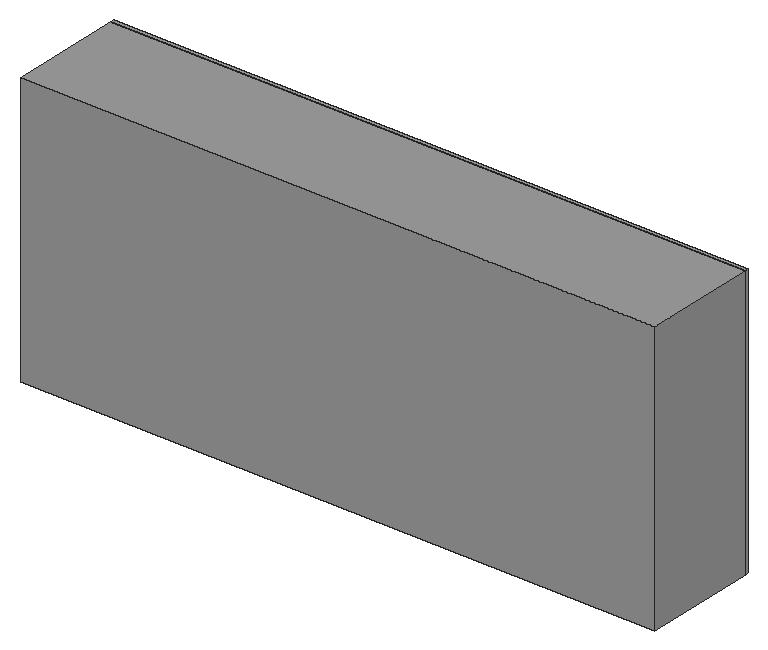
Revit family "Formula65 kombi LED Sentr.(veggmontasje)", category Lighting Fixtures, Revit 2013
Parameters (values of type "MarkeringsLys (Venstre)")
  Width = 65.5 mm
  Wattage Comments = "17 W"
  Wattage = 9.2903 W
  built-in parameter 1150110 = 1 (stored number, unit not read)
  Voltage = 230 V
  URL = ""
  built-in parameter 1114217 = 1 (stored number, unit not read)
  Tilt Angle = 90.00°
  built-in parameter 1150109 = 1 (stored number, unit not read)
  built-in parameter 1150134 = 3
  Symbol Positive Direction [instance] = yes
  Symbol Offset Side [instance] = 0 mm
  Symbol Offset Out [instance] = 0 mm
  built-in parameter 1150113 = 1 (stored number, unit not read)
  Reference Line Out [instance] = 50 mm
  Photometric Web File = "20x42A12.ies"
  Number of Poles = 1
  MarkeringsLys Venstre = yes
  MarkeringsLys Ned = no
  MarkeringsLys Opp = no
  MarkeringsLys Høyre = no
  MarkeringsLys 45 Opp mot venstre = no
  MarkeringsLys 45 Opp mot høyre = no
  MarkeringsLys 45 Ned mot venstre = no
  MarkeringsLys 45 Ned mot høyre = no
  ML = yes
  built-in parameter 1150105 = 109.82 (stored number, unit not read)
  Lumens = 1380 lm
  built-in parameter 1150115 = 1 (stored number, unit not read)
  Load Classification [instance] = Other
  Model = ""
  Manufacturer = ""
  built-in parameter 1150137 = (empty or 0)
  built-in parameter 1150139 = (empty or 0)
  Length 1 = Length - 40 mm  # 314 mm
  Length = 354 mm
  LedeLys = no
  built-in parameter 1150112 = 1 (stored number, unit not read)
  built-in parameter 1150114 = 1 (stored number, unit not read)
  Lamp = "1"
  built-in parameter 1150132 = (empty or 0)
  built-in parameter 1150102 = (empty or 0)
  built-in parameter 1150107 = 3200 (stored number, unit not read)
  built-in parameter 1150138 = (empty or 0)
  built-in parameter 1150106 = 1.0982 (stored number, unit not read)
  Height 1 = Height - 30 mm  # 122 mm
  Height = 152 mm
  Emit from Rectangle Width = Height  # 152 mm
  Emit from Rectangle Length = Length  # 354 mm
  Emit Shape Visible in Rendering = no
  built-in parameter 1150104 = 13.8 (stored number, unit not read)
  Dimming Lamp Color Temperature Shift = <None>
  Description = ""
  Color Filter = 16777215
  Body Material and Colour = Default
  built-in parameter 1114218 = 1 (stored number, unit not read)
  built-in parameter 1150133 = 10 (stored number, unit not read)
  Assembly Code = ""
  Apparent Load = 17 VA
Types (9, lengths in mm): name | MarkeringsLys Venstre | MarkeringsLys Ned | MarkeringsLys Opp | MarkeringsLys Høyre | MarkeringsLys 45 Opp mot venstre | MarkeringsLys 45 Opp mot høyre | MarkeringsLys 45 Ned mot venstre | MarkeringsLys 45 Ned mot høyre | ML | LedeLys
  LedeLys | no | no | no | no | no | no | no | no | no | yes
  MarkeringsLys (Ned) | no | yes | no | no | no | no | no | no | yes | no
  MarkeringsLys (Opp) | no | no | yes | no | no | no | no | no | yes | no
  MarkeringsLys (Venstre) | yes | no | no | no | no | no | no | no | yes | no
  MarkeringsLys (Høyre) | no | no | no | yes | no | no | no | no | yes | no
  MarkeringsLys (45 Ned mot høyre) | no | no | no | no | no | no | no | yes | yes | no
  MarkeringsLys (45 Ned mot venstre) | no | no | no | no | no | no | yes | no | yes | no
  MarkeringsLys (45 Opp mot høyre) | no | no | no | no | no | yes | no | no | yes | no
  MarkeringsLys (45 Opp mot venstre) | no | no | no | no | yes | no | no | no | yes | no
Reference planes
  plane 1 "Light Source Axis (F/B)": y = 119.961
  plane 2 "Top": z = 83
  plane 3 "Light Source Axis (L/R)": x = 0
  plane 4 "Level": z = 0
  plane 5 "Bottom": z = -152
  plane 6: x = -177
  plane 7: x = 177
  plane 8: y = 183.461
  plane 9: y = 185.461
  plane 10: z = -15
  plane 11: x = -157
  plane 12: x = 157
  plane 13: z = -76
  plane 14: z = -137
Forms (mm)
  Extrusion 1, solid, material "Default" <- "Body Material and Colour"
    sketch origin (0, 119.961, 0) x (1, 0, 0) y (0, 0, 1)
      loop
        line (-177, 0) -> (-177, -152) -> (177, -152) -> (177, 0) -> (-177, 0)
    from 0 to -63.5
  Extrusion 2, solid, material "Default" <- "Body Material and Colour"
    sketch origin (0, 119.961, 0) x (1, 0, 0) y (0, 0, 1)
      loop
        line (-177, 0) -> (-177, -152) -> (177, -152) -> (177, 0) -> (-177, 0)
      loop
        line (-157, -15) -> (-157, -137) -> (157, -137) -> (157, -15) -> (-157, -15)
    from -65.5 to -63.5
Lines and regions (mm)
  model lines, style "InvisibleLines"
    curve 1: line (0, 119.961, 0) -> (0, 169.961, 0)
Dimensions and locks
  equal spacing: plane 6, plane 3 "Light Source Axis (L/R)", plane 7
  "Length": plane 6 to plane 7
  plane 8 to plane 1 "Light Source Axis (F/B)" = 63.5 mm
  locked: plane 9 to plane 8 at 2
  equal spacing: plane 4 "Level", plane 13, plane 5 "Bottom"
  "Height": plane 4 "Level" to plane 5 "Bottom"
  equal spacing: plane 11, plane 3 "Light Source Axis (L/R)", plane 12
  "Length 1": plane 11 to plane 12
  equal spacing: plane 10, plane 13, plane 14
  "Height 1": plane 10 to plane 14
  "Width": plane 1 "Light Source Axis (F/B)" to plane 9
  "Reference Line Out": plane 1 "Light Source Axis (F/B)" to curve 1
  aligned and locked: plane 4 "Level" to level
  aligned and locked: plane 3 "Light Source Axis (L/R)" to nested 2
  aligned and locked: plane 1 "Light Source Axis (F/B)" to nested 2
  aligned and locked: plane 8 to nested 1
  aligned and locked: plane 4 "Level" to Extrusion 1 sketch curve
  aligned and locked: plane 6 to Extrusion 1 sketch curve
  aligned and locked: plane 5 "Bottom" to Extrusion 1 sketch curve
  aligned and locked: Extrusion 1 sketch curve to plane 7
  aligned and locked: Extrusion 1 to plane 8
  aligned and locked: plane 1 "Light Source Axis (F/B)" to Extrusion 1
  aligned and locked: plane 4 "Level" to Extrusion 2 sketch curve
  aligned and locked: Extrusion 2 sketch curve to plane 7
  aligned and locked: plane 5 "Bottom" to Extrusion 2 sketch curve
  aligned and locked: plane 6 to Extrusion 2 sketch curve
  aligned and locked: Extrusion 2 sketch curve to plane 10
  aligned and locked: plane 11 to Extrusion 2 sketch curve
  aligned and locked: plane 14 to Extrusion 2 sketch curve
  aligned and locked: Extrusion 2 sketch curve to plane 12
  aligned and locked: plane 8 to Extrusion 2
  aligned and locked: Extrusion 2 to plane 9
  aligned and locked: nested 1 to plane 13
  aligned and locked: plane 13 to imposter light
  aligned and locked: imposter light to plane 1 "Light Source Axis (F/B)"
  aligned and locked: imposter light to plane 3 "Light Source Axis (L/R)"
  aligned and locked: plane 1 "Light Source Axis (F/B)" to curve 1
  aligned and locked: plane 3 "Light Source Axis (L/R)" to curve 1
  aligned and locked: plane 3 "Light Source Axis (L/R)" to nested 3
  aligned and locked: plane 1 "Light Source Axis (F/B)" to nested 3
  aligned and locked: nested 4 to plane 3 "Light Source Axis (L/R)"
  aligned and locked: plane 13 to nested 4
  aligned and locked: nested 4 to plane 8
  aligned and locked: plane 13 to nested 5
  aligned and locked: nested 5 to plane 3 "Light Source Axis (L/R)"
  aligned and locked: nested 5 to plane 8
  aligned and locked: plane 13 to nested 6
  aligned and locked: nested 6 to plane 3 "Light Source Axis (L/R)"
  aligned and locked: nested 6 to plane 8
  aligned and locked: plane 13 to nested 7
  aligned and locked: nested 7 to plane 3 "Light Source Axis (L/R)"
  aligned and locked: nested 7 to plane 8
  aligned and locked: nested 8 to plane 8
  aligned and locked: nested 8 to plane 3 "Light Source Axis (L/R)"
  aligned and locked: plane 13 to nested 8
  aligned and locked: nested 9 to plane 8
  aligned and locked: nested 9 to plane 3 "Light Source Axis (L/R)"
  aligned and locked: plane 13 to nested 9
  aligned and locked: nested 10 to plane 8
  aligned and locked: plane 13 to nested 10
  aligned and locked: nested 10 to plane 3 "Light Source Axis (L/R)"
Nested families
  nested 1: "Formula 65_ned" at (0, 183.461, -76), type "Formula 65"
  nested 2: "LedelysS" at (0, 119.961, 0), visible <- "LedeLys", type "Type 1"
  nested 3: "MarkeringslysS" at (0, 119.961, 0), visible <- "ML", type "Type 1"
  nested 4: "Formula 65_skrått 45 grader ned mot høyre" at (0, 183.461, -76) x (-1, 0, 0) z (0, 0, 1), type "Formula 65"
  nested 5: "Formula 65_skrått 45 grader ned mot venstre" at (0, 183.461, -76) x (-1, 0, 0) z (0, 0, 1), type "Formula 65"
  nested 6: "Formula 65_skrått 45 grader opp mot høyre" at (0, 183.461, -76) x (-1, 0, 0) z (0, 0, 1), type "Formula 65"
  nested 7: "Formula 65_skrått 45 grader opp mot venstre" at (0, 183.461, -76) x (-1, 0, 0) z (0, 0, 1), type "Formula 65"
    with 45 opp mot venstre no
  nested 8: "Formula 65_høyre" at (0, 183.461, -76) x (-1, 0, 0) z (0, 0, 1), type "Formula 65"
  nested 9: "Formula 65_opp" at (0, 183.461, -76) x (-1, 0, 0) z (0, 0, 1), type "Formula 65"
  nested 10: "Formula 65_venstre" at (0, 183.461, -76) x (-1, 0, 0) z (0, 0, 1), type "Formula 65"
    with Venstre yes
Connectors
  electrical at (0, 119.961, 0), driven by "Number of Poles", driven by "Load Classification", driven by "Voltage", driven by "Apparent Load"
    settings: index 1, voltage 230 V, apparent load 0 VA, apparent load phase1 17 VA, apparent load phase2 0 VA, apparent load phase3 0 VA, power factor 1, load classification "Other", number of poles 1, system type 31, power factor state 1, is connector primary yes, connector utility no, sub classification motor no, connector description ""
Definition of nested family "Formula 65_venstre"
  Parameters (values of type "Formula 65")
    Venstre = no
    L = 205 mm
    H = 135 mm
  Reference planes
    plane 1 "Center (Front/Back)": y = 0
    plane 2: z = 0
    plane 3 "Center (Left/Right)": x = 0
    plane 4: y = -2
  Forms (mm)
    Extrusion 1, solid, material "Green", visible <- "Venstre"
      sketch origin (453.48, 0, -265.275) x (1, 0, 0) y (0, 0, 1)
        loop
          line (-296.48, 326.275) -> (-610.48, 326.275) -> (-610.48, 204.275) -> (-296.48, 204.275) -> (-296.48, 326.275)
        loop
          circle (-420.272, 307.901) r 7.948
        loop
          line (-413.762, 293.92) -> (-417.907, 289.775) -> (-413.259, 281.726) -> (-426.456, 270.652)
          arc (-426.456, 270.652) -> (-427.234, 269.157) -> (-426.728, 267.55) r 2.202
          line (-426.728, 267.55) -> (-424.841, 265.302)
          arc (-424.841, 265.302) -> (-423.346, 264.524) -> (-421.739, 265.03) r 2.202
          line (-421.739, 265.03) -> (-409.533, 275.272) -> (-403.944, 265.592) -> (-416.764, 254.834) -> (-416.764, 219.801)
          arc (-416.764, 219.801) -> (-415.69, 217.206) -> (-413.095, 216.131) r 3.669
          line (-413.095, 216.131) -> (-409.425, 216.131)
          arc (-409.425, 216.131) -> (-406.831, 217.206) -> (-405.756, 219.801) r 3.669
          line (-405.756, 219.801) -> (-405.756, 249.701) -> (-398.355, 255.911) -> (-392.493, 245.757) -> (-354.384, 245.757)
          arc (-354.384, 245.757) -> (-351.79, 246.832) -> (-350.715, 249.426) r 3.669
          line (-350.715, 249.426) -> (-350.715, 253.096)
          arc (-350.715, 253.096) -> (-351.79, 255.69) -> (-354.384, 256.765) r 3.669
          line (-354.384, 256.765) -> (-373.426, 256.765) -> (-391.907, 288.775) -> (-372.812, 285.056) -> (-365.934, 273.144)
          arc (-365.934, 273.144) -> (-364.541, 272.104) -> (-362.828, 272.398) r 2.202
          line (-362.828, 272.398) -> (-360.285, 274.049)
          arc (-360.285, 274.049) -> (-359.331, 275.438) -> (-359.638, 277.095) r 2.202
          line (-359.638, 277.095) -> (-369.208, 291.831) -> (-407.391, 299.266) -> (-413.762, 293.92)
        loop
          line (-553.901, 289.876) -> (-578.502, 265.275) -> (-553.901, 240.673) -> (-539.14, 240.673) -> (-556.361, 257.894) -> (-483.502, 257.894) -> (-483.502, 272.655) -> (-556.361, 272.655) -> (-539.14, 289.876) -> (-553.901, 289.876)
      from 0 to 2
  Dimensions and locks
    aligned and locked: level to plane 2
Definition of nested family "Formula 65_ned"
  Parameters (values of type "Formula 65")
    Ned = no
    L = 205 mm
    H = 135 mm
  Reference planes
    plane 1 "Center (Front/Back)": y = 0
    plane 2: z = 0
    plane 3 "Center (Left/Right)": x = 0
    plane 4: y = -2
  Forms (mm)
    Extrusion 1, solid, material "Green", visible <- "Ned"
      sketch origin (453.48, 0, -265.275) x (1, 0, 0) y (0, 0, 1)
        loop
          line (-296.48, 326.275) -> (-610.48, 326.275) -> (-610.48, 204.275) -> (-296.48, 204.275) -> (-296.48, 326.275)
        loop
          line (-482.432, 242.376) -> (-482.432, 257.137) -> (-499.654, 239.916) -> (-499.654, 312.775) -> (-514.415, 312.775) -> (-514.415, 239.916) -> (-531.636, 257.137) -> (-531.636, 242.376) -> (-507.034, 217.775) -> (-482.432, 242.376)
        loop
          circle (-420.272, 307.901) r 7.948
        loop
          line (-413.762, 293.92) -> (-417.907, 289.775) -> (-413.259, 281.726) -> (-426.456, 270.652)
          arc (-426.456, 270.652) -> (-427.234, 269.157) -> (-426.728, 267.55) r 2.202
          line (-426.728, 267.55) -> (-424.841, 265.302)
          arc (-424.841, 265.302) -> (-423.346, 264.524) -> (-421.739, 265.03) r 2.202
          line (-421.739, 265.03) -> (-409.533, 275.272) -> (-403.944, 265.592) -> (-416.764, 254.834) -> (-416.764, 219.801)
          arc (-416.764, 219.801) -> (-415.69, 217.206) -> (-413.095, 216.131) r 3.669
          line (-413.095, 216.131) -> (-409.425, 216.131)
          arc (-409.425, 216.131) -> (-406.831, 217.206) -> (-405.756, 219.801) r 3.669
          line (-405.756, 219.801) -> (-405.756, 249.701) -> (-398.355, 255.911) -> (-392.493, 245.757) -> (-354.384, 245.757)
          arc (-354.384, 245.757) -> (-351.79, 246.832) -> (-350.715, 249.426) r 3.669
          line (-350.715, 249.426) -> (-350.715, 253.096)
          arc (-350.715, 253.096) -> (-351.79, 255.69) -> (-354.384, 256.765) r 3.669
          line (-354.384, 256.765) -> (-373.426, 256.765) -> (-391.907, 288.775) -> (-372.812, 285.056) -> (-365.934, 273.144)
          arc (-365.934, 273.144) -> (-364.541, 272.104) -> (-362.828, 272.398) r 2.202
          line (-362.828, 272.398) -> (-360.285, 274.049)
          arc (-360.285, 274.049) -> (-359.331, 275.438) -> (-359.638, 277.095) r 2.202
          line (-359.638, 277.095) -> (-369.208, 291.831) -> (-407.391, 299.266) -> (-413.762, 293.92)
      from 0 to 2
  Dimensions and locks
    aligned and locked: level to plane 2
Definition of nested family "LedelysS"
  Parameters (values of type "Type 1")
    CQ Symbol Positive Direction = yes
    CQ Symbol Negative Direction = not(CQ Symbol Positive Direction)  # no
    CQ Symbol Offset Side = 0 mm
    CQ Symbol Offset Out = 0 mm
  Reference planes
    plane 1: y = 0
    plane 2: x = 0
  Dimensions and locks
    "CQ Symbol Offset Out": plane 1 to nested 1
    "CQ Symbol Offset Out": plane 1 to nested 2
    "CQ Symbol Offset Side": plane 2 to nested 2
    "CQ Symbol Offset Side": nested 1 to plane 2
  Nested families
    nested 1: "LedelysSub" at (0, 0, 0), visible <- "CQ Symbol Negative Direction", type "Type 1"
    nested 2: "LedelysSub" at (0, 0, 0), visible <- "CQ Symbol Positive Direction", type "Type 1"
  Definition of nested family "LedelysSub"
    Reference planes
      plane 1: y = 0
      plane 2: x = 0
    Lines and regions (mm)
      detail lines
        curve 1: line (-4, 0, 0) -> (4, 0, 0)
        curve 2: line (4, 0, 0) -> (4, 4, 0)
        curve 3: line (4, 4, 0) -> (-4, 4, 0)
        curve 4: line (-4, 4, 0) -> (-4, 0, 0)
        curve 5: line (-3.097, 0.75, 0) -> (-0.597, 3.25, 0)
        curve 6: line (-3.097, 3.25, 0) -> (-0.597, 0.75, 0)
        curve 7: circle (-1.847, 2, 0) r 1.2 normal (0, 0, 1)
    Text (mm)
      text "LL" at (2.179, 3.025, 0)
Definition of nested family "MarkeringslysS"
  Parameters (values of type "Type 1")
    CQ Symbol Positive Direction = yes
    CQ Symbol Negative Direction = not(CQ Symbol Positive Direction)  # no
    CQ Symbol Offset Side = 0 mm
    CQ Symbol Offset Out = 0 mm
  Reference planes
    plane 1: y = 0
    plane 2: x = 0
  Dimensions and locks
    "CQ Symbol Offset Out": plane 1 to nested 1
    "CQ Symbol Offset Out": plane 1 to nested 2
    "CQ Symbol Offset Side": plane 2 to nested 2
    "CQ Symbol Offset Side": nested 1 to plane 2
  Nested families
    nested 1: "LedelysSub" at (0, 0, 0), visible <- "CQ Symbol Negative Direction", type "Type 1"
    nested 2: "LedelysSub" at (0, 0, 0), visible <- "CQ Symbol Positive Direction", type "Type 1"
  Definition of nested family "LedelysSub"
    Reference planes
      plane 1: y = 0
      plane 2: x = 0
    Lines and regions (mm)
      Filled region 1, type "Filled region 1"
        outline origin (64.576, 53.459, 0) x (1, 0, 0) y (0, 1, 0)
          loop
            arc (-65.575, -52.307) -> (-65.224, -51.459) -> (-65.575, -50.61) r 1.2
            line (-65.575, -50.61) -> (-66.424, -51.459) -> (-65.575, -52.307)
      Filled region 2, type "Filled region 1"
        outline origin (-68.271, 53.459, 0) x (0, 1, 0) y (-1, 0, 0)
          loop
            line (-52.307, -65.575) -> (-51.459, -66.424) -> (-50.61, -65.575)
            arc (-50.61, -65.575) -> (-51.459, -65.224) -> (-52.307, -65.575) r 1.2
      detail lines
        curve 1: line (-4, 0, 0) -> (4, 0, 0)
        curve 2: line (4, 0, 0) -> (4, 4, 0)
        curve 3: line (4, 4, 0) -> (-4, 4, 0)
        curve 4: line (-4, 4, 0) -> (-4, 0, 0)
        curve 5: line (-3.097, 0.75, 0) -> (-0.597, 3.25, 0)
        curve 6: line (-3.097, 3.25, 0) -> (-0.597, 0.75, 0)
        curve 7: circle (-1.847, 2, 0) r 1.2 normal (0, 0, 1)
    Text (mm)
      text "ML" at (2.179, 3.025, 0)
    Dimensions and locks
      aligned and locked: Filled region 1 sketch curve to curve 7
Definition of nested family "Formula 65_skrått 45 grader ned mot høyre"
  Parameters (values of type "Formula 65")
    L = 205 mm
    H = 135 mm
    45 ned mot høyre = no
  Reference planes
    plane 1 "Center (Front/Back)": y = 0
    plane 2: z = 0
    plane 3 "Center (Left/Right)": x = 0
    plane 4: y = -2
  Forms (mm)
    Extrusion 1, solid, material "Green", visible <- "45 ned mot høyre"
      sketch origin (453.48, 0, -265.275) x (1, 0, 0) y (0, 0, 1)
        loop
          line (-296.48, 326.275) -> (-610.48, 326.275) -> (-610.48, 204.275) -> (-296.48, 204.275) -> (-296.48, 326.275)
        loop
          circle (-486.687, 307.901) r 7.948
        loop
          line (-493.197, 293.92) -> (-499.568, 299.266) -> (-537.751, 291.831) -> (-547.321, 277.095)
          arc (-547.321, 277.095) -> (-547.628, 275.438) -> (-546.674, 274.049) r 2.202
          line (-546.674, 274.049) -> (-544.131, 272.398)
          arc (-544.131, 272.398) -> (-542.418, 272.104) -> (-541.025, 273.144) r 2.202
          line (-541.025, 273.144) -> (-534.147, 285.056) -> (-515.052, 288.775) -> (-533.533, 256.765) -> (-552.575, 256.765)
          arc (-552.575, 256.765) -> (-555.169, 255.69) -> (-556.244, 253.096) r 3.669
          line (-556.244, 253.096) -> (-556.244, 249.426)
          arc (-556.244, 249.426) -> (-555.169, 246.832) -> (-552.575, 245.757) r 3.669
          line (-552.575, 245.757) -> (-514.466, 245.757) -> (-508.604, 255.911) -> (-501.203, 249.701) -> (-501.203, 219.801)
          arc (-501.203, 219.801) -> (-500.128, 217.206) -> (-497.534, 216.131) r 3.669
          line (-497.534, 216.131) -> (-493.864, 216.131)
          arc (-493.864, 216.131) -> (-491.27, 217.206) -> (-490.195, 219.801) r 3.669
          line (-490.195, 219.801) -> (-490.195, 254.834) -> (-503.015, 265.592) -> (-497.426, 275.272) -> (-485.22, 265.03)
          arc (-485.22, 265.03) -> (-483.613, 264.524) -> (-482.118, 265.302) r 2.202
          line (-482.118, 265.302) -> (-480.232, 267.55)
          arc (-480.232, 267.55) -> (-479.725, 269.157) -> (-480.503, 270.652) r 2.202
          line (-480.503, 270.652) -> (-493.7, 281.726) -> (-489.052, 289.775) -> (-493.197, 293.92)
        loop
          line (-336.119, 266.479) -> (-346.557, 276.917) -> (-346.557, 252.562) -> (-398.076, 304.081) -> (-408.513, 293.644) -> (-356.994, 242.125) -> (-381.349, 242.125) -> (-370.911, 231.687) -> (-336.119, 231.687) -> (-336.119, 266.479)
      from 0 to 2
  Dimensions and locks
    aligned and locked: level to plane 2
Definition of nested family "Formula 65_skrått 45 grader ned mot venstre"
  Parameters (values of type "Formula 65")
    L = 205 mm
    H = 135 mm
    45 ned mot venstre = no
  Reference planes
    plane 1 "Center (Front/Back)": y = 0
    plane 2: z = 0
    plane 3 "Center (Left/Right)": x = 0
    plane 4: y = -2
  Forms (mm)
    Extrusion 1, solid, material "Green", visible <- "45 ned mot venstre"
      sketch origin (453.48, 0, -265.275) x (1, 0, 0) y (0, 0, 1)
        loop
          line (-296.48, 326.275) -> (-610.48, 326.275) -> (-610.48, 204.275) -> (-296.48, 204.275) -> (-296.48, 326.275)
        loop
          circle (-420.272, 307.901) r 7.948
        loop
          line (-413.762, 293.92) -> (-417.907, 289.775) -> (-413.259, 281.726) -> (-426.456, 270.652)
          arc (-426.456, 270.652) -> (-427.234, 269.157) -> (-426.728, 267.55) r 2.202
          line (-426.728, 267.55) -> (-424.841, 265.302)
          arc (-424.841, 265.302) -> (-423.346, 264.524) -> (-421.739, 265.03) r 2.202
          line (-421.739, 265.03) -> (-409.533, 275.272) -> (-403.944, 265.592) -> (-416.764, 254.834) -> (-416.764, 219.801)
          arc (-416.764, 219.801) -> (-415.69, 217.206) -> (-413.095, 216.131) r 3.669
          line (-413.095, 216.131) -> (-409.425, 216.131)
          arc (-409.425, 216.131) -> (-406.831, 217.206) -> (-405.756, 219.801) r 3.669
          line (-405.756, 219.801) -> (-405.756, 249.701) -> (-398.355, 255.911) -> (-392.493, 245.757) -> (-354.384, 245.757)
          arc (-354.384, 245.757) -> (-351.79, 246.832) -> (-350.715, 249.426) r 3.669
          line (-350.715, 249.426) -> (-350.715, 253.096)
          arc (-350.715, 253.096) -> (-351.79, 255.69) -> (-354.384, 256.765) r 3.669
          line (-354.384, 256.765) -> (-373.426, 256.765) -> (-391.907, 288.775) -> (-372.812, 285.056) -> (-365.934, 273.144)
          arc (-365.934, 273.144) -> (-364.541, 272.104) -> (-362.828, 272.398) r 2.202
          line (-362.828, 272.398) -> (-360.285, 274.049)
          arc (-360.285, 274.049) -> (-359.331, 275.438) -> (-359.638, 277.095) r 2.202
          line (-359.638, 277.095) -> (-369.208, 291.831) -> (-407.391, 299.266) -> (-413.762, 293.92)
        loop
          line (-575.84, 266.479) -> (-575.84, 231.687) -> (-541.048, 231.687) -> (-530.61, 242.125) -> (-554.965, 242.125) -> (-503.446, 293.644) -> (-513.883, 304.081) -> (-565.402, 252.562) -> (-565.402, 276.917) -> (-575.84, 266.479)
      from 0 to 2
  Dimensions and locks
    aligned and locked: level to plane 2
Definition of nested family "Formula 65_skrått 45 grader opp mot høyre"
  Parameters (values of type "Formula 65")
    L = 205 mm
    H = 135 mm
    45 grader opp mot høyre = no
  Reference planes
    plane 1 "Center (Front/Back)": y = 0
    plane 2: z = 0
    plane 3 "Center (Left/Right)": x = 0
    plane 4: y = -2
  Forms (mm)
    Extrusion 1, solid, material "Green", visible <- "45 grader opp mot høyre"
      sketch origin (453.48, 0, -265.275) x (1, 0, 0) y (0, 0, 1)
        loop
          line (-296.48, 326.275) -> (-610.48, 326.275) -> (-610.48, 204.275) -> (-296.48, 204.275) -> (-296.48, 326.275)
        loop
          circle (-486.687, 307.901) r 7.948
        loop
          line (-493.197, 293.92) -> (-499.568, 299.266) -> (-537.751, 291.831) -> (-547.321, 277.095)
          arc (-547.321, 277.095) -> (-547.628, 275.438) -> (-546.674, 274.049) r 2.202
          line (-546.674, 274.049) -> (-544.131, 272.398)
          arc (-544.131, 272.398) -> (-542.418, 272.104) -> (-541.025, 273.144) r 2.202
          line (-541.025, 273.144) -> (-534.147, 285.056) -> (-515.052, 288.775) -> (-533.533, 256.765) -> (-552.575, 256.765)
          arc (-552.575, 256.765) -> (-555.169, 255.69) -> (-556.244, 253.096) r 3.669
          line (-556.244, 253.096) -> (-556.244, 249.426)
          arc (-556.244, 249.426) -> (-555.169, 246.832) -> (-552.575, 245.757) r 3.669
          line (-552.575, 245.757) -> (-514.466, 245.757) -> (-508.604, 255.911) -> (-501.203, 249.701) -> (-501.203, 219.801)
          arc (-501.203, 219.801) -> (-500.128, 217.206) -> (-497.534, 216.131) r 3.669
          line (-497.534, 216.131) -> (-493.864, 216.131)
          arc (-493.864, 216.131) -> (-491.27, 217.206) -> (-490.195, 219.801) r 3.669
          line (-490.195, 219.801) -> (-490.195, 254.834) -> (-503.015, 265.592) -> (-497.426, 275.272) -> (-485.22, 265.03)
          arc (-485.22, 265.03) -> (-483.613, 264.524) -> (-482.118, 265.302) r 2.202
          line (-482.118, 265.302) -> (-480.232, 267.55)
          arc (-480.232, 267.55) -> (-479.725, 269.157) -> (-480.503, 270.652) r 2.202
          line (-480.503, 270.652) -> (-493.7, 281.726) -> (-489.052, 289.775) -> (-493.197, 293.92)
        loop
          line (-336.119, 264.07) -> (-336.119, 298.862) -> (-370.911, 298.862) -> (-381.349, 288.425) -> (-356.994, 288.425) -> (-408.513, 236.906) -> (-398.076, 226.468) -> (-346.557, 277.987) -> (-346.557, 253.633) -> (-336.119, 264.07)
      from 0 to 2
  Dimensions and locks
    aligned and locked: level to plane 2
Definition of nested family "Formula 65_skrått 45 grader opp mot venstre"
  Parameters (values of type "Formula 65")
    L = 205 mm
    H = 135 mm
    45 opp mot venstre = yes
  Reference planes
    plane 1 "Center (Front/Back)": y = 0
    plane 2: z = 0
    plane 3 "Center (Left/Right)": x = 0
    plane 4: y = -2
  Forms (mm)
    Extrusion 1, solid, material "Green", visible <- "45 opp mot venstre"
      sketch origin (453.48, 0, -265.275) x (1, 0, 0) y (0, 0, 1)
        loop
          line (-296.48, 326.275) -> (-610.48, 326.275) -> (-610.48, 204.275) -> (-296.48, 204.275) -> (-296.48, 326.275)
        loop
          circle (-420.272, 307.901) r 7.948
        loop
          line (-413.762, 293.92) -> (-417.907, 289.775) -> (-413.259, 281.726) -> (-426.456, 270.652)
          arc (-426.456, 270.652) -> (-427.234, 269.157) -> (-426.728, 267.55) r 2.202
          line (-426.728, 267.55) -> (-424.841, 265.302)
          arc (-424.841, 265.302) -> (-423.346, 264.524) -> (-421.739, 265.03) r 2.202
          line (-421.739, 265.03) -> (-409.533, 275.272) -> (-403.944, 265.592) -> (-416.764, 254.834) -> (-416.764, 219.801)
          arc (-416.764, 219.801) -> (-415.69, 217.206) -> (-413.095, 216.131) r 3.669
          line (-413.095, 216.131) -> (-409.425, 216.131)
          arc (-409.425, 216.131) -> (-406.831, 217.206) -> (-405.756, 219.801) r 3.669
          line (-405.756, 219.801) -> (-405.756, 249.701) -> (-398.355, 255.911) -> (-392.493, 245.757) -> (-354.384, 245.757)
          arc (-354.384, 245.757) -> (-351.79, 246.832) -> (-350.715, 249.426) r 3.669
          line (-350.715, 249.426) -> (-350.715, 253.096)
          arc (-350.715, 253.096) -> (-351.79, 255.69) -> (-354.384, 256.765) r 3.669
          line (-354.384, 256.765) -> (-373.426, 256.765) -> (-391.907, 288.775) -> (-372.812, 285.056) -> (-365.934, 273.144)
          arc (-365.934, 273.144) -> (-364.541, 272.104) -> (-362.828, 272.398) r 2.202
          line (-362.828, 272.398) -> (-360.285, 274.049)
          arc (-360.285, 274.049) -> (-359.331, 275.438) -> (-359.638, 277.095) r 2.202
          line (-359.638, 277.095) -> (-369.208, 291.831) -> (-407.391, 299.266) -> (-413.762, 293.92)
        loop
          line (-575.84, 264.07) -> (-565.402, 253.633) -> (-565.402, 277.987) -> (-513.883, 226.468) -> (-503.446, 236.906) -> (-554.965, 288.425) -> (-530.61, 288.425) -> (-541.048, 298.862) -> (-575.84, 298.862) -> (-575.84, 264.07)
      from 0 to 2
  Dimensions and locks
    aligned and locked: level to plane 2
Definition of nested family "Formula 65_høyre"
  Parameters (values of type "Formula 65")
    L = 205 mm
    Høyre = no
    H = 135 mm
  Reference planes
    plane 1 "Center (Front/Back)": y = 0
    plane 2: z = 0
    plane 3 "Center (Left/Right)": x = 0
    plane 4: y = -2
  Forms (mm)
    Extrusion 1, solid, material "Green", visible <- "Høyre"
      sketch origin (453.48, 0, -265.275) x (1, 0, 0) y (0, 0, 1)
        loop
          line (-296.48, 326.275) -> (-610.48, 326.275) -> (-610.48, 204.275) -> (-296.48, 204.275) -> (-296.48, 326.275)
        loop
          circle (-486.687, 307.901) r 7.948
        loop
          line (-493.197, 293.92) -> (-499.568, 299.266) -> (-537.751, 291.831) -> (-547.321, 277.095)
          arc (-547.321, 277.095) -> (-547.628, 275.438) -> (-546.674, 274.049) r 2.202
          line (-546.674, 274.049) -> (-544.131, 272.398)
          arc (-544.131, 272.398) -> (-542.418, 272.104) -> (-541.025, 273.144) r 2.202
          line (-541.025, 273.144) -> (-534.147, 285.056) -> (-515.052, 288.775) -> (-533.533, 256.765) -> (-552.575, 256.765)
          arc (-552.575, 256.765) -> (-555.169, 255.69) -> (-556.244, 253.096) r 3.669
          line (-556.244, 253.096) -> (-556.244, 249.426)
          arc (-556.244, 249.426) -> (-555.169, 246.832) -> (-552.575, 245.757) r 3.669
          line (-552.575, 245.757) -> (-514.466, 245.757) -> (-508.604, 255.911) -> (-501.203, 249.701) -> (-501.203, 219.801)
          arc (-501.203, 219.801) -> (-500.128, 217.206) -> (-497.534, 216.131) r 3.669
          line (-497.534, 216.131) -> (-493.864, 216.131)
          arc (-493.864, 216.131) -> (-491.27, 217.206) -> (-490.195, 219.801) r 3.669
          line (-490.195, 219.801) -> (-490.195, 254.834) -> (-503.015, 265.592) -> (-497.426, 275.272) -> (-485.22, 265.03)
          arc (-485.22, 265.03) -> (-483.613, 264.524) -> (-482.118, 265.302) r 2.202
          line (-482.118, 265.302) -> (-480.232, 267.55)
          arc (-480.232, 267.55) -> (-479.725, 269.157) -> (-480.503, 270.652) r 2.202
          line (-480.503, 270.652) -> (-493.7, 281.726) -> (-489.052, 289.775) -> (-493.197, 293.92)
        loop
          line (-353.058, 289.876) -> (-367.819, 289.876) -> (-350.598, 272.655) -> (-423.457, 272.655) -> (-423.457, 257.894) -> (-350.598, 257.894) -> (-367.819, 240.673) -> (-353.058, 240.673) -> (-328.457, 265.275) -> (-353.058, 289.876)
      from 0 to 2
  Dimensions and locks
    aligned and locked: level to plane 2
Definition of nested family "Formula 65_opp"
  Parameters (values of type "Formula 65")
    Up = no
    L = 205 mm
    H = 135 mm
  Reference planes
    plane 1 "Center (Front/Back)": y = 0
    plane 2: z = 0
    plane 3 "Center (Left/Right)": x = 0
    plane 4: y = -2
  Forms (mm)
    Extrusion 1, solid, material "Green", visible <- "Up"
      sketch origin (453.48, 0, -265.275) x (1, 0, 0) y (0, 0, 1)
        loop
          line (-296.48, 326.275) -> (-610.48, 326.275) -> (-610.48, 204.275) -> (-296.48, 204.275) -> (-296.48, 326.275)
        loop
          circle (-420.272, 307.901) r 7.948
        loop
          line (-413.762, 293.92) -> (-417.907, 289.775) -> (-413.259, 281.726) -> (-426.456, 270.652)
          arc (-426.456, 270.652) -> (-427.234, 269.157) -> (-426.728, 267.55) r 2.202
          line (-426.728, 267.55) -> (-424.841, 265.302)
          arc (-424.841, 265.302) -> (-423.346, 264.524) -> (-421.739, 265.03) r 2.202
          line (-421.739, 265.03) -> (-409.533, 275.272) -> (-403.944, 265.592) -> (-416.764, 254.834) -> (-416.764, 219.801)
          arc (-416.764, 219.801) -> (-415.69, 217.206) -> (-413.095, 216.131) r 3.669
          line (-413.095, 216.131) -> (-409.425, 216.131)
          arc (-409.425, 216.131) -> (-406.831, 217.206) -> (-405.756, 219.801) r 3.669
          line (-405.756, 219.801) -> (-405.756, 249.701) -> (-398.355, 255.911) -> (-392.493, 245.757) -> (-354.384, 245.757)
          arc (-354.384, 245.757) -> (-351.79, 246.832) -> (-350.715, 249.426) r 3.669
          line (-350.715, 249.426) -> (-350.715, 253.096)
          arc (-350.715, 253.096) -> (-351.79, 255.69) -> (-354.384, 256.765) r 3.669
          line (-354.384, 256.765) -> (-373.426, 256.765) -> (-391.907, 288.775) -> (-372.812, 285.056) -> (-365.934, 273.144)
          arc (-365.934, 273.144) -> (-364.541, 272.104) -> (-362.828, 272.398) r 2.202
          line (-362.828, 272.398) -> (-360.285, 274.049)
          arc (-360.285, 274.049) -> (-359.331, 275.438) -> (-359.638, 277.095) r 2.202
          line (-359.638, 277.095) -> (-369.208, 291.831) -> (-407.391, 299.266) -> (-413.762, 293.92)
        loop
          line (-482.432, 288.173) -> (-507.034, 312.775) -> (-531.636, 288.173) -> (-531.636, 273.412) -> (-514.415, 290.633) -> (-514.415, 217.775) -> (-499.654, 217.775) -> (-499.654, 290.633) -> (-482.432, 273.412) -> (-482.432, 288.173)
      from 0 to 2
  Dimensions and locks
    aligned and locked: level to plane 2
